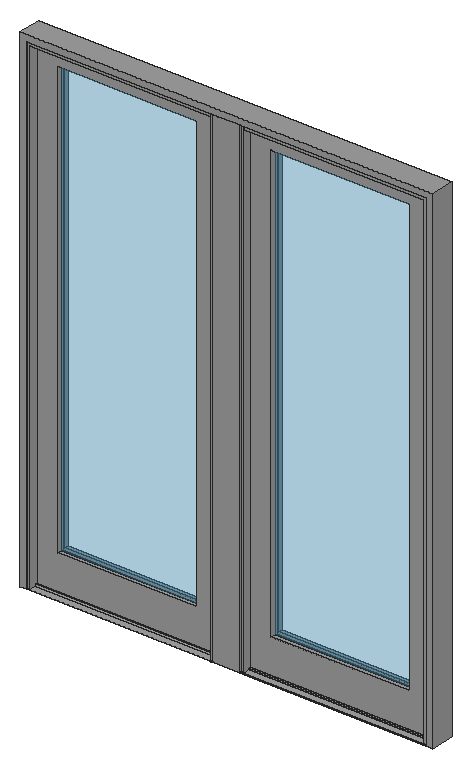
Revit family "AD-375 DOOR-Double-1-PD-5.25 CJB-CW_v05", category Curtain Panels, Revit 2015
Parameters
  Width [instance] = 6' - 2"
  URL = "obe.com"
  Rough Width [instance] = 6' - 7"
  Panel Width [instance] = Min Panel Width  # 6' - 5 1/4"
  Panel Offset [instance] = 0' - 0"
  Offset [instance] = 0' - 6"
  Model = "AD-375 DOOR"
  Min Roug Width [instance] = if(Rough Width > 6' 7 3/4", Rough Width, 6' 7 3/4")  # 6' - 7 3/4"
  Min Panel Width [instance] = if(Rough Width > 6' 7 3/4", Rough Width - 0' 2 1/2", 6' 5 1/4")  # 6' - 5 1/4"
  Manufacturer = "Oldcastle BuildingEnvelope®"
  Keynote = "08 11 00"
  Height [instance] = 8' - 0"
  Glass Material = Glass
  Frame Material = Aluminum
  Door Panel Height [instance] = Height - 0' 0 21/32"  # 7' - 11 11/32"
  Description = "AD-375 - 1\" Door Infill"
  Assembly Code = "B2030"
  Analytic Construction = "<None>"
  6 Bottom Rail [instance] = yes
  10 Bottom Rail [instance] = not([6 Bottom Rail])  # no
Reference planes (in)
  plane 1 "Front": y = 0
  plane 2: z = 0
  plane 3 "Center (Left/Right)": x = 0
  plane 4 "Left": x = -37
  plane 5 "Right": x = 37
  plane 6 "Top": z = 96
  plane 7 "Offset": y = -6
  plane 8: x = -39.875
  plane 9: x = 39.875
Forms (in)
  Sweep 1, solid, material "Aluminum" <- "Frame Material"
    path origin (0, -6, 0) x (-1, 0, 0) y (0, 0, 1)
      loop
        line (-39.875, 96) -> (-39.875, 0)
    profile origin (39.875, -6, 48) x (0, 1, 0) y (-1, 0, 0)
      loop
        line (0, 0) -> (0, 1.25) -> (-2.7624, 1.25) -> (-2.7624, 1.812) -> (-4.3574, 1.812) -> (-4.3574, 1.25) -> (-4.50055, 1.25) -> (-4.50055, 0) -> (0, 0)
  Sweep 2, solid, material "Aluminum" <- "Frame Material"
    path origin (0, -6, 0) x (-1, 0, 0) y (0, 0, 1)
      loop
        line (39.875, 96) -> (39.875, 0)
    profile origin (-39.875, -6, 48) x (0, 1, 0) y (-1, 0, 0)
      loop
        line (0, 0) -> (-4.50055, 0) -> (-4.50055, -1.25) -> (-4.3574, -1.25) -> (-4.3574, -1.812) -> (-2.7624, -1.812) -> (-2.7624, -1.25) -> (0, -1.25) -> (0, 0)
  Sweep 3, solid, material "Aluminum" <- "Frame Material"
    path origin (0, -6, 0) x (-1, 0, 0) y (0, 0, 1)
      loop
        line (39.875, 96) -> (-39.875, 96)
    profile origin (0, -6, 96) x (0, 0, -1) y (0, 1, 0)
      loop
        line (1.25, 0) -> (0, 0) -> (0, -4.50055) -> (1.25, -4.50055) -> (1.25, -4.3574) -> (1.812, -4.3574) -> (1.812, -2.7624) -> (1.25, -2.7624) -> (1.25, 0)
Cuts and joins
  joined: Sweep 1, Sweep 2, Sweep 3
Text (in)
  text "Exterior" at (-54.29358, 31.38743, 0), in view "Ref. Level"
  text "Exterior" at (480, 41.53993, 89.60405), in view "Right"
  text "Exterior" at (-240, 57.82419, 105.78864), in view "Left"
Dimensions and locks (in)
  equal spacing: plane 4 "Left", plane 3 "Center (Left/Right)", plane 5 "Right"
  "Width": plane 4 "Left" to plane 5 "Right"
  "Height": plane 6 "Top" to plane 2
  "Offset": plane 7 "Offset" to plane 1 "Front"
  equal spacing: plane 8, plane 3 "Center (Left/Right)", plane 9
  "Min Roug Width": plane 8 to plane 9
  locked: plane 7 "Offset" to nested 1 at 1.4437
  aligned and locked: level to plane 2
  aligned and locked: plane 3 "Center (Left/Right)" to nested 1
  aligned and locked: plane 2 to Sweep 1 sketch curve
  aligned and locked: plane 6 "Top" to Sweep 1 sketch curve
  aligned and locked: plane 2 to Sweep 2 sketch curve
  aligned and locked: plane 6 "Top" to Sweep 2 sketch curve
  aligned and locked: plane 6 "Top" to Sweep 3 sketch curve
  aligned and locked: Sweep 1 sketch curve to plane 9
  aligned and locked: plane 8 to Sweep 2 sketch curve
  aligned and locked: plane 8 to Sweep 3 sketch curve
  aligned and locked: plane 9 to Sweep 3 sketch curve
Automatic sketch dimensions
  Sweep 2 sketch curve to Sweep 2 sketch curve = 0' - 0.14315"
  Sweep 2 sketch curve to Sweep 2 sketch curve = 0' - 1.595"
  profile plane to Sweep 2 sketch curve = 0' - 1 1/4"  (x2)
  Sweep 2 sketch curve to Sweep 2 sketch curve = 0' - 2.7624"
  Sweep 2 sketch curve to Sweep 2 sketch curve = 0' - 0.562"
  Sweep 2 sketch curve to plane 7 "Offset" = 0' - 0"
  Sweep 2 sketch curve to profile plane = 0' - 0"
  Sweep 1 sketch curve to profile plane = 0' - 1.812"
  profile plane to Sweep 1 sketch curve = 0' - 0"
  Sweep 1 sketch curve to plane 7 "Offset" = 0' - 4.50055"
  Sweep 1 sketch curve to Sweep 1 sketch curve = 0' - 0.14315"
  Sweep 1 sketch curve to Sweep 1 sketch curve = 0' - 1.595"
  Sweep 1 sketch curve to profile plane = 0' - 1 1/4"  (x2)
  Sweep 1 sketch curve to Sweep 1 sketch curve = 0' - 2.7624"
  Sweep 3 sketch curve to profile plane = 0' - 1.812"
  Sweep 3 sketch curve to profile plane = 0' - 1 1/4"  (x2)
  Sweep 3 sketch curve to Sweep 3 sketch curve = 0' - 1 1/4"
  Sweep 3 sketch curve to plane 7 "Offset" = 0' - 4.50055"
  Sweep 3 sketch curve to Sweep 3 sketch curve = 0' - 0.14315"
  Sweep 3 sketch curve to Sweep 3 sketch curve = 0' - 1.595"
  Sweep 3 sketch curve to Sweep 3 sketch curve = 0' - 2.7624"
Nested families (in)
  nested 1: "AD-375 DOOR-Double-1-PD-Panel_v04" at (0, -24.5563, 0), Frame Material <- "Frame Material", Glass Material <- "Glass Material", 6 Bottom Rail <- "6 Bottom Rail", Height <- "Door Panel Height", Width <- "Min Panel Width", type "AD-375 DOOR-Double-1-PD-Panel"
    with built-in parameter 1001301 6' - 5 1/4", Offset 0' - 1.4437", built-in parameter 1001300 7' - 11 11/32", Glass Material Glass, Frame Material Aluminum, Bottom Rail 0' - 6 19/32", 6 Bottom Rail yes, 10 Bottom Rail no
Definition of nested family "AD-375 DOOR-Double-1-PD-Panel_v04"
  Parameters (values of type "AD-375 DOOR-Double-1-PD-Panel")
    Width [instance] = 6' - 0"
    Offset [instance] = 0' - 6"
    Height [instance] = 8' - 0"
    Glass Material [instance] = none
    Frame Material [instance] = none
    Bottom Rail [instance] = if([10 Bottom Rail], 0' 10 19/32", 0' 6 19/32")  # 0' - 10 19/32"
    Analytic Construction = "<None>"
    6 Bottom Rail [instance] = no
    10 Bottom Rail [instance] = not([6 Bottom Rail])  # yes
  Reference planes (in)
    plane 1 "00": y = 12.5563
    plane 2: z = 0
    plane 3 "Center (Left/Right)": x = 0
    plane 4: z = 96
    plane 5: x = -36
    plane 6: x = 36
    plane 7 "Center (Front/Back)": y = 20
    plane 8 "Exterior": y = 13.0563
    plane 9: z = 48
    plane 10: z = 10.59375
    plane 11: z = 92.46875
    plane 12: z = 0
    plane 13: x = -31.87499
    plane 14: x = 31.87504
    plane 15: y = 14
  Forms (in)
    Sweep 1, solid, material <- "Frame Material"
      path origin (0, 12.5563, 0) x (1, 0, 0) y (0, 0, 1)
        loop
          line (-35.93562, 96) -> (-2.625, 96)
      profile origin (-19.28031, 12.5563, 96) x (0, 0, 1) y (0, -1, 0)
        loop
          line (-0.59375, -1.2884) -> (-0.59375, 1.3187) -> (-3.96875, 1.3187) -> (-3.96875, 0.5) -> (-3.53125, 0.5) -> (-3.53125, -0.5) -> (-3.96875, -0.5) -> (-3.96875, -1.2884) -> (-0.59375, -1.2884)
    Sweep 2, solid, material <- "Frame Material"
      path origin (0, 12.5563, 0) x (1, 0, 0) y (0, 0, 1)
        loop
          line (-3.187, 0) -> (-35.93562, 0)
      profile origin (-19.56131, 12.5563, 0) x (0, 0, -1) y (0, -1, 0)
        loop
          line (-0.375, 1.3187) -> (-11.125, 1.3187) -> (-11.125, 0.5) -> (-10.59375, 0.5) -> (-10.59375, -0.5) -> (-11.125, -0.5) -> (-11.125, -1.2884) -> (-0.375, -1.2884) -> (-0.375, 1.3187)
    Sweep 3, solid, material <- "Frame Material"
      path origin (0, 12.5563, 0) x (1, 0, 0) y (0, 0, 1)
        loop
          line (36, 95.40625) -> (36, 0.375)
      profile origin (36, 12.5563, 47.89062) x (0, -1, 0) y (1, 0, 0)
        loop
          line (-1.28913, -4.56246) -> (-0.50073, -4.56246) -> (-0.50073, -4.12496) -> (0.49927, -4.12496) -> (0.49927, -4.56246) -> (1.31724, -4.56246) -> (1.31724, -0.0625) -> (-1.28913, -0.0625) -> (-1.28913, -4.56246)
    Sweep 4, solid, material <- "Frame Material"
      path origin (0, 12.5563, 0) x (1, 0, 0) y (0, 0, 1)
        loop
          line (-36, 95.40625) -> (-36, 0.375)
      profile origin (-36, 12.5563, 47.89062) x (0, -1, 0) y (1, 0, 0)
        loop
          line (-1.2884, 4.56251) -> (-1.2884, 0.06438) -> (1.3187, 0.06438) -> (1.3187, 4.56251) -> (0.5, 4.56251) -> (0.5, 4.12501) -> (-0.5, 4.12501) -> (-0.5, 4.56251) -> (-1.2884, 4.56251)
    Sweep 5, solid, material <- "Frame Material"
      path origin (0, 12.5563, 0) x (1, 0, 0) y (0, 0, 1)
        loop
          line (0, 95.40625) -> (0, 0.375)
      profile origin (0, 12.5563, 47.89062) x (0, -1, 0) y (1, 0, 0)
        loop
          line (-1.2884, -7.21871) -> (-0.5, -7.21871) -> (-0.5, -6.78121) -> (0.5, -6.78121) -> (0.5, -7.21871) -> (1.31797, -7.21871) -> (1.31797, -2.6248) -> (-1.2884, -2.6248) -> (-1.2884, -7.21871)
        loop
          line (1.3187, 7.21871) -> (0.50073, 7.21871) -> (0.50073, 6.78121) -> (-0.49927, 6.78121) -> (-0.49927, 7.21871) -> (-1.28767, 7.21871) -> (-1.28767, 2.6248) -> (1.3187, 2.6248) -> (1.3187, 7.21871)
    Sweep 6, solid, material <- "Frame Material"
      path origin (0, 12.5563, 0) x (1, 0, 0) y (0, 0, 1)
        loop
          line (2.625, 96) -> (35.9375, 96)
      profile origin (19.28125, 12.5563, 96) x (0, 0, 1) y (0, -1, 0)
        loop
          line (-0.59375, -1.2884) -> (-0.59375, 1.3187) -> (-2.30843, 1.3187) -> (-3.96875, 1.3187) -> (-3.96875, 0.5) -> (-3.53125, 0.5) -> (-3.53125, -0.5) -> (-3.96875, -0.5) -> (-3.96875, -1.2884) -> (-2.30843, -1.2884) -> (-0.59375, -1.2884)
    Sweep 7, solid, material <- "Frame Material"
      path origin (0, 12.5563, 0) x (1, 0, 0) y (0, 0, 1)
        loop
          line (35.9375, 0) -> (3.187, 0)
      profile origin (19.56225, 12.5563, 0) x (0, 0, -1) y (0, -1, 0)
        loop
          line (-7.49593, -1.2884) -> (-0.375, -1.2884) -> (-0.375, 1.31797) -> (-11.125, 1.31797) -> (-11.125, 0.5) -> (-10.59375, 0.5) -> (-10.59375, -0.5) -> (-11.125, -0.5) -> (-11.125, -1.2884) -> (-7.49593, -1.2884)
    Extrusion 8, solid, material <- "Glass Material", detail levels medium+fine
      sketch origin (0, 0, 0) x (1, 0, 0) y (0, 1, 0)
        loop
          line (6.78121, 13.0563) -> (6.78121, 12.8083) -> (31.87504, 12.8083) -> (31.87504, 13.0563) -> (6.78121, 13.0563)
        loop
          line (31.87504, 12.0563) -> (31.87504, 12.3043) -> (6.78121, 12.3043) -> (6.78121, 12.0563) -> (31.87504, 12.0563)
      from 10.59375 to 92.46875
    Extrusion 9, solid, material <- "Glass Material", detail levels coarse
      sketch origin (0, 0, 0) x (1, 0, 0) y (0, 1, 0)
        loop
          line (6.78121, 13.0563) -> (6.78121, 12.0563) -> (31.87504, 12.0563) -> (31.87504, 13.0563) -> (6.78121, 13.0563)
      from 10.59375 to 92.46875
    Extrusion 10, solid, material <- "Glass Material", detail levels coarse
      sketch origin (0, 0, 0) x (1, 0, 0) y (0, 1, 0)
        loop
          line (-31.87499, 13.0563) -> (-31.87499, 12.0563) -> (-6.78121, 12.0563) -> (-6.78121, 13.0563) -> (-31.87499, 13.0563)
      from 10.59375 to 92.46875
    Extrusion 11, solid, material <- "Glass Material", detail levels medium+fine
      sketch origin (0, 0, 0) x (1, 0, 0) y (0, 1, 0)
        loop
          line (-31.87499, 13.0563) -> (-31.87499, 12.8083) -> (-6.78121, 12.8083) -> (-6.78121, 13.0563) -> (-31.87499, 13.0563)
        loop
          line (-31.87499, 12.3043) -> (-31.87499, 12.0563) -> (-6.78121, 12.0563) -> (-6.78121, 12.3043) -> (-31.87499, 12.3043)
      from 10.59375 to 92.46875
    Sweep 12, solid, material <- "Frame Material"
      path origin (0, 12.5563, 0) x (1, 0, 0) y (0, 0, 1)
        loop
          line (0, 95.40625) -> (0, 0)
      profile origin (0, 12.5563, 47.70312) x (0, -1, 0) y (1, 0, 0)
        loop
          line (-1.4437, 2.625) -> (-1.4437, -2.625) -> (1.3187, -2.625) -> (1.3187, -3.187) -> (2.9137, -3.187) -> (2.9137, -2.625) -> (3.0573, -2.625) -> (3.0573, 2.625) -> (2.9137, 2.625) -> (2.9137, 3.187) -> (1.3187, 3.187) -> (1.3187, 2.625) -> (-1.4437, 2.625)
    Sweep 13, solid, material <- "Frame Material"
      path origin (0, 12.5563, 0) x (1, 0, 0) y (0, 0, 1)
        loop
          line (35.9375, 0) -> (2.6248, 0)
      profile origin (19.28115, 12.5563, 0) x (0, 0, -1) y (0, -1, 0)
        loop
          line (-0.256, -0.69426) -> (-0.1262, -1.33799)
          arc (-0.1262, -1.33799) -> (-0.07849, -1.40969) -> (0, -1.44514) r 0.156
          line (0, -1.44514) -> (0, 3.05585) -> (-0.06628, 3.05585)
          arc (-0.06628, 3.05585) -> (-0.08866, 3.04745) -> (-0.09997, 3.0264) r 0.034
          line (-0.09997, 3.0264) -> (-0.256, 1.86985) -> (-0.506, 1.73385) -> (-0.506, 1.3187) -> (-0.256, 1.3187) -> (-0.256, -0.69426)
    Sweep 14, solid, material <- "Frame Material"
      path origin (0, 12.5563, 0) x (1, 0, 0) y (0, 0, 1)
        loop
          line (-2.625, 0) -> (-35.93562, 0)
      profile origin (-19.28031, 12.5563, 0) x (0, 0, -1) y (0, -1, 0)
        loop
          line (-0.256, -0.69426) -> (-0.1262, -1.33799)
          arc (-0.1262, -1.33799) -> (-0.07849, -1.40969) -> (0, -1.44514) r 0.156
          line (0, -1.44514) -> (0, 3.05585) -> (-0.06628, 3.05585)
          arc (-0.06628, 3.05585) -> (-0.08866, 3.04745) -> (-0.09997, 3.0264) r 0.034
          line (-0.09997, 3.0264) -> (-0.256, 1.86985) -> (-0.506, 1.73385) -> (-0.506, 1.3187) -> (-0.256, 1.3187) -> (-0.256, -0.69426)
  Cuts and joins
    joined: Sweep 1, Sweep 2, Sweep 3, Sweep 4, Sweep 5, Sweep 6, Sweep 7
  Lines and regions (in)
    model lines
      curve 1: line (7.21871, 13.0563, 92.03125) -> (31.43754, 13.0563, 48)
      curve 2: line (31.43754, 13.0563, 48) -> (7.21871, 13.0563, 11.125)
      curve 3: line (-7.21871, 13.0563, 92.03125) -> (-31.43749, 13.0563, 48)
      curve 4: line (-31.43749, 13.0563, 48) -> (-7.21871, 13.0563, 11.125)
  Dimensions and locks (in)
    "Height": plane 4 to level
    "Offset": plane 15 to plane 7 "Center (Front/Back)"
    plane 1 "00" to plane 8 "Exterior" to plane 15 = 0' - 0 1/2" locked, 0' - 0.9437" locked
    equal spacing: level, plane 9, plane 4
    locked: plane 3 "Center (Left/Right)" to Sweep 2 sketch curve at 3.187
    Sweep 3 sketch curve to plane 4 = 0' - 0 19/32"
    Sweep 4 sketch curve to plane 4 = 0' - 0 19/32"
    locked: plane 3 "Center (Left/Right)" to Sweep 1 sketch curve at 2.625
    locked: Sweep 6 sketch curve to plane 3 "Center (Left/Right)" at 2.625
    locked: Sweep 7 sketch curve to plane 3 "Center (Left/Right)" at 3.187
    locked: Sweep 5 sketch curve to plane 4 at 0.59375
    locked: Sweep 7 sketch curve to plane 10 at 0.53125  (x2)
    locked: Sweep 2 sketch curve to plane 10 at 0.53125  (x2)
    equal spacing: plane 4, plane 9, plane 12
    locked: plane 4 to plane 11 at 3.53125
    Extrusion 11 sketch curve to Extrusion 11 sketch curve to plane 1 "00" to Extrusion 11 sketch curve to Extrusion 11 sketch curve = 0' - 0.248" locked, 0' - 0.252" locked, 0' - 0.252" locked, 0' - 0.248" locked
    Extrusion 10 sketch curve to plane 1 "00" to Extrusion 10 sketch curve = 0' - 0 1/2" locked, 0' - 0 1/2" locked
    Extrusion 9 sketch curve to plane 1 "00" to Extrusion 9 sketch curve = 0' - 0 1/2" locked, 0' - 0 1/2" locked
    Extrusion 8 sketch curve to Extrusion 8 sketch curve to plane 1 "00" to Extrusion 8 sketch curve to Extrusion 8 sketch curve = 0' - 0.248" locked, 0' - 0.252" locked, 0' - 0.252" locked, 0' - 0.248" locked
    "Bottom Rail": plane 10 to plane 12
    locked: plane 5 to plane 13 at 4.12501
    locked: plane 14 to plane 6 at 4.12496
    locked: Sweep 2 sketch curve to plane 5 at 0.06438
    locked: plane 6 to Sweep 7 sketch curve at 0.0625
    locked: plane 6 to Sweep 6 sketch curve at 0.0625
    Sweep 1 sketch curve to plane 5 = 0' - 0.06438"
    equal spacing: plane 5, plane 3 "Center (Left/Right)", plane 6
    "Width": plane 5 to plane 6
    locked: plane 4 to Sweep 12 sketch curve at 0.59375
    locked: plane 6 to Sweep 13 sketch curve at 0.0625
    locked: Sweep 13 sketch curve to plane 3 "Center (Left/Right)" at 2.6248
    locked: Sweep 14 sketch curve to plane 5 at 0.06438
    locked: plane 3 "Center (Left/Right)" to Sweep 14 sketch curve at 2.625
    locked: plane 12 to Sweep 3 sketch curve at 0.375
    locked: plane 12 to Sweep 5 sketch curve at 0.375
    locked: plane 12 to Sweep 4 sketch curve at 0.375
    aligned and locked: plane 2 to level
    aligned and locked: Sweep 1 sketch curve to plane 4
    aligned and locked: plane 3 "Center (Left/Right)" to Sweep 5 sketch curve
    aligned and locked: Sweep 7 sketch curve to level
    aligned and locked: plane 4 to Sweep 6 sketch curve
    aligned and locked: plane 11 to Extrusion 10
    aligned and locked: plane 11 to Extrusion 11
    aligned and locked: plane 11 to Extrusion 8
    aligned and locked: plane 11 to Extrusion 9
    aligned and locked: Sweep 6 sketch curve to plane 11
    aligned and locked: plane 10 to Sweep 2 sketch curve
    aligned and locked: Sweep 1 sketch curve to plane 11
    aligned and locked: Extrusion 8 to plane 10
    aligned and locked: Extrusion 9 to plane 10
    aligned and locked: Extrusion 11 to plane 10
    aligned and locked: Extrusion 10 to plane 10
    aligned and locked: Extrusion 11 to plane 13  (x2)
    aligned and locked: Extrusion 10 to plane 13
    aligned and locked: plane 14 to Extrusion 9
    aligned and locked: plane 14 to Extrusion 8  (x2)
    aligned and locked: Sweep 7 sketch curve to plane 1 "00"
    aligned and locked: plane 12 to Sweep 2 sketch curve
    aligned and locked: Sweep 12 sketch curve to plane 3 "Center (Left/Right)"
    aligned and locked: plane 9 to curve 2
    aligned and locked: Sweep 13 sketch curve to plane 12
    aligned and locked: Sweep 14 sketch curve to plane 12
  Automatic sketch dimensions
    Sweep 1 sketch curve to Sweep 1 sketch curve = 0' - 0 7/16"  (x2)
    profile plane to Sweep 1 sketch curve = 0' - 0 19/32"
    Sweep 1 sketch curve to plane 1 "00" = 0' - 1.2884"
    Sweep 1 sketch curve to plane 1 "00" = 0' - 0 1/2"
    plane 1 "00" to Sweep 1 sketch curve = 0' - 0 1/2"
    plane 1 "00" to Sweep 1 sketch curve = 0' - 1.3187"
    Sweep 2 sketch curve to plane 1 "00" = 0' - 0 1/2"
    plane 1 "00" to Sweep 2 sketch curve = 0' - 0 1/2"
    Sweep 2 sketch curve to Sweep 2 sketch curve = 0' - 0.8187"
    Sweep 3 sketch curve to plane 6 = 0' - 0"
    Sweep 3 sketch curve to plane 1 "00" = 0' - 1.28913"
    Sweep 3 sketch curve to plane 1 "00" = 0' - 0.50073"
    plane 1 "00" to Sweep 3 sketch curve = 0' - 0.49927"
    Sweep 3 sketch curve to Sweep 3 sketch curve = 0' - 0.81797"
    profile plane to Sweep 3 sketch curve = 0' - 4.56246"
    Sweep 3 sketch curve to Sweep 3 sketch curve = 0' - 0"
    Sweep 3 sketch curve to Sweep 3 sketch curve = 0' - 0 7/16"
    profile plane to Sweep 3 sketch curve = 0' - 0 1/16"
    Sweep 4 sketch curve to plane 5 = 0' - 0"
    Sweep 4 sketch curve to plane 1 "00" = 0' - 1.2884"
    Sweep 4 sketch curve to plane 1 "00" = 0' - 0 1/2"
    plane 1 "00" to Sweep 4 sketch curve = 0' - 0 1/2"
    Sweep 4 sketch curve to Sweep 4 sketch curve = 0' - 0.8187"
    Sweep 4 sketch curve to profile plane = 0' - 0.06438"
    Sweep 4 sketch curve to Sweep 4 sketch curve = 0' - 4.06063"
    Sweep 4 sketch curve to Sweep 4 sketch curve = 0' - 0 7/16"  (x2)
    Sweep 5 sketch curve to plane 1 "00" = 0' - 1.2884"
    Sweep 5 sketch curve to Sweep 5 sketch curve = 0' - 0.00073"  (x2)
    Sweep 5 sketch curve to plane 1 "00" = 0' - 0.49927"
    Sweep 5 sketch curve to plane 1 "00" = 0' - 0 1/2"
    plane 1 "00" to Sweep 5 sketch curve = 0' - 0.50073"
    plane 1 "00" to Sweep 5 sketch curve = 0' - 0 1/2"
    Sweep 5 sketch curve to profile plane = 0' - 2.6248"
    plane 1 "00" to Sweep 5 sketch curve = 0' - 1.3187"
    Sweep 5 sketch curve to Sweep 5 sketch curve = 0' - 0 7/16"  (x4)
    Sweep 5 sketch curve to Sweep 5 sketch curve = 0' - 4.15641"  (x2)
    Sweep 6 sketch curve to Sweep 6 sketch curve = 0' - 0 7/16"  (x2)
    Sweep 6 sketch curve to Sweep 6 sketch curve = 0' - 1.22282"  (x2)
    profile plane to Sweep 6 sketch curve = 0' - 0 19/32"
    Sweep 6 sketch curve to plane 1 "00" = 0' - 1.2884"
    Sweep 6 sketch curve to plane 1 "00" = 0' - 0 1/2"
    plane 1 "00" to Sweep 6 sketch curve = 0' - 0 1/2"
    plane 1 "00" to Sweep 6 sketch curve = 0' - 1.3187"
    Sweep 7 sketch curve to Sweep 7 sketch curve = 0' - 0 17/32"
    Sweep 7 sketch curve to profile plane = 0' - 1.2884"
    Sweep 7 sketch curve to Sweep 7 sketch curve = 0' - 3.09782"
    Sweep 7 sketch curve to profile plane = 0' - 0 1/2"
    profile plane to Sweep 7 sketch curve = 0' - 0 1/2"
    profile plane to Sweep 7 sketch curve = 0' - 1.31797"
    Extrusion 8 sketch curve to plane 14 = 0' - 0"  (x2)
    Extrusion 9 sketch curve to plane 14 = 0' - 0"
    Extrusion 10 sketch curve to plane 13 = 0' - 0"
    Extrusion 11 sketch curve to plane 13 = 0' - 0"  (x2)
    profile plane to Sweep 5 sketch curve = 0' - 2.6248"
    Sweep 12 sketch curve to level = 0' - 0"
    Sweep 12 sketch curve to plane 1 "00" = 0' - 1.4437"
    plane 1 "00" to Sweep 12 sketch curve = 0' - 1.3187"  (x2)
    Sweep 12 sketch curve to Sweep 12 sketch curve = 0' - 1.595"  (x2)
    Sweep 12 sketch curve to Sweep 12 sketch curve = 0' - 0.1436"
    profile plane to Sweep 12 sketch curve = 0' - 3.187"
    profile plane to Sweep 12 sketch curve = 0' - 2 5/8"
    Sweep 12 sketch curve to Sweep 12 sketch curve = 0' - 0.562"  (x2)
    Sweep 12 sketch curve to profile plane = 0' - 2 5/8"  (x2)
    Extrusion 10 sketch curve to plane 3 "Center (Left/Right)" = 0' - 6.78121"
    Extrusion 11 sketch curve to Extrusion 11 sketch curve = 0' - 0"
    Extrusion 11 sketch curve to plane 3 "Center (Left/Right)" = 0' - 6.78121"
    plane 3 "Center (Left/Right)" to Extrusion 9 sketch curve = 0' - 6.78121"
    Extrusion 8 sketch curve to Extrusion 8 sketch curve = 0' - 0"
    plane 3 "Center (Left/Right)" to Extrusion 8 sketch curve = 0' - 6.78121"
    curve 4 to plane 9 = 0' - 0"
    plane 13 to curve 4 = 0' - 0 7/16"
    curve 2 to plane 14 = 0' - 0 7/16"
    curve 3 to plane 11 = 0' - 0 7/16"
    curve 3 to plane 3 "Center (Left/Right)" = 0' - 7.21871"
    plane 10 to curve 4 = 0' - 0 17/32"
    curve 4 to plane 3 "Center (Left/Right)" = 0' - 7.21871"
    plane 10 to curve 2 = 0' - 0 17/32"
    plane 3 "Center (Left/Right)" to curve 2 = 0' - 7.21871"
    curve 1 to plane 11 = 0' - 0 7/16"
    plane 3 "Center (Left/Right)" to curve 1 = 0' - 7.21871"
    profile plane to Sweep 7 sketch curve = 0' - 0 3/8"
    profile plane to Sweep 2 sketch curve = 0' - 0 3/8"
    Sweep 2 sketch curve to plane 1 "00" = 0' - 1.2884"
    profile plane to Sweep 13 sketch curve = 0' - 0.256"  (x2)
    Sweep 13 sketch curve to plane 1 "00" = 0' - 0.69426"
    Sweep 13 sketch curve to Sweep 13 sketch curve = 0' - 0.64374"
    Sweep 13 sketch curve to Sweep 13 sketch curve = 0' - 0.10715"
    plane 1 "00" to Sweep 13 sketch curve = 0' - 1.3187"
    Sweep 13 sketch curve to Sweep 13 sketch curve = 0' - 1.73715"
    Sweep 13 sketch curve to profile plane = 0' - 0.02248"
    Sweep 13 sketch curve to Sweep 13 sketch curve = 0' - 0.04722"
    Sweep 13 sketch curve to Sweep 13 sketch curve = 0' - 0 1/4"
    Sweep 13 sketch curve to Sweep 13 sketch curve = 0' - 0.41515"
    Sweep 13 sketch curve to Sweep 13 sketch curve = 0' - 0.136"
    profile plane to Sweep 13 sketch curve = 0' - 0.09997"
    Sweep 13 sketch curve to Sweep 13 sketch curve = 0' - 0.02945"
    Sweep 13 sketch curve to Sweep 13 sketch curve = 0' - 0.00455"
    Sweep 13 sketch curve to profile plane = 0' - 0"
    profile plane to Sweep 14 sketch curve = 0' - 0.256"  (x2)
    plane 1 "00" to Sweep 14 sketch curve = 0' - 1.3187"
    Sweep 14 sketch curve to Sweep 14 sketch curve = 0' - 0 1/4"
    Sweep 14 sketch curve to plane 1 "00" = 0' - 0.69426"
    Sweep 14 sketch curve to Sweep 14 sketch curve = 0' - 0.41515"
    Sweep 14 sketch curve to Sweep 14 sketch curve = 0' - 0.136"
    profile plane to Sweep 14 sketch curve = 0' - 0.09997"
    Sweep 14 sketch curve to Sweep 14 sketch curve = 0' - 1.15655"
    Sweep 14 sketch curve to Sweep 14 sketch curve = 0' - 0.03369"
    Sweep 14 sketch curve to Sweep 14 sketch curve = 0' - 0.00455"
    Sweep 14 sketch curve to profile plane = 0' - 0"
    Sweep 14 sketch curve to Sweep 14 sketch curve = 0' - 0.75089"
    profile plane to Sweep 14 sketch curve = 0' - 0.1262"
    Sweep 14 sketch curve to Sweep 14 sketch curve = 0' - 0.10715"
    Sweep 14 sketch curve to profile plane = 0' - 0.02248"
